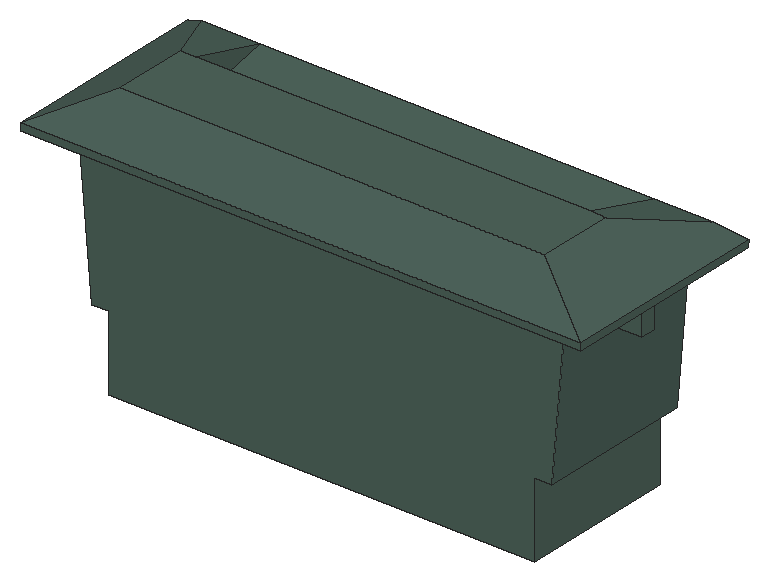
Revit family "EL 807", category Lighting Fixtures, host Face, Revit 2021
Family settings
  Host = Face
  Round Connector Dimension = Use Diameter
  Part Type = Normal
  OmniClass Number = 23.80.70.14
  OmniClass Title = Luminaries for External Lighting
  Cut with Voids When Loaded = No
  Light Source = No
  Shared = No
  Room Calculation Point = No
Parameters (values of type "Verde Green")
  Wattage Comments = ""
  Watt = if(Is 5.3W, 5.3 W, 10.5 W)  # 5.3 W
  Voltage = if(Is 120V, 120 V, 270 V)  # 120 V
  URL = "https://www.currentlighting.com/kimlighting"
  Product Material = Paint -  Green
  Product Documentation Link = ""
  Photometric Web [instance] = Web : EL807-3L3K
  Model = "EL 807"  # constant formula
  Manufacturer = "KIM Lighting"  # constant formula
  Load Classification = Lighting
  Lamp = "LED"
  Is 5.3W = yes
  Is 270V = not(Is 120V)  # no
  Is 120V = yes
  Is 10.5W = not(Is 5.3W)  # no
  Glass = Glass
  Description = "Step Light"  # constant formula
  Default Elevation = 48.00"
  Apparent Load = Watt  # 5.3 VA
Types (4): name | Product Material
  (no name) | Paint -  Green
  Black | Paint -  Basic Black
  Dark Bronze | Paint - Bronze
  Verde Green | Paint -  Green
Reference planes (in)
  plane 1 "Center (Front/Back)": y = 0
  plane 2: z = 0
  plane 3 "Center (Left/Right)": x = 0
  plane 4: y = 1.75
  plane 5: x = -4.6875
  plane 6: x = 4.6875
  plane 7: y = -1.75
  plane 8: z = 0.75
  plane 9: z = -3.75
  plane 10: z = 0.125
  plane 11: y = 1.31
  plane 12: y = -1.31
  plane 13: x = -3.56
  plane 14: x = 3.56
  plane 15: z = -2.5
  plane 16: y = 0.125
  plane 17: y = -0.125
  plane 18: x = -3.3
  plane 19: x = 3.3
Forms (in)
  Extrusion 1, solid, material "Paint -  Green" <- "Product Material"
    sketch origin (0, 0, 0) x (1, 0, 0) y (0, 1, 0)
      loop
        line (-4.6875, 1.75) -> (-4.6875, -1.75) -> (4.6875, -1.75) -> (4.6875, 1.75) -> (-4.6875, 1.75)
    from 0 to 0.125
  Extrusion 2, solid, material "Paint -  Green" <- "Product Material"
    sketch origin (0, 0, 0) x (0, 1, 0) y (0, 0, 1)
      loop
        line (1.75, 0.125) -> (1.51884, 0.35616) -> (0.19036, 0.75) -> (-1.08463, 0.75) -> (-1.75, 0.125) -> (1.75, 0.125)
    from -4.6875 to 4.6875
  Extrusion 3, solid, material "Paint -  Green" <- "Product Material"
    sketch origin (0, 0, 0) x (1, 0, 0) y (0, 0, 1)
      loop
        line (-4.06, 0) -> (-3.84128, -2.5) -> (-3.56, -2.5) -> (-3.56, -3.75) -> (3.56, -3.75) -> (3.56, -2.5) -> (3.84128, -2.5) -> (4.06, 0) -> (-4.06, 0)
    from -1.31 to 1.31
  Extrusion 4, solid, material "Paint -  Green" <- "Product Material"
    sketch origin (0, 0, 0) x (1, 0, 0) y (0, 0, 1)
      loop
        line (-4.40359, 0) -> (-4.40359, -0.60987) -> (4.40359, -0.60987) -> (4.40359, 0) -> (-4.40359, 0)
    from -0.125 to 0.125
  Extrusion 5, void
    sketch origin (0, 0, 0) x (0, 1, 0) y (0, 0, 1)
      loop
        line (1.51884, 0.35616) -> (1.51884, 0.75) -> (0.19036, 0.75) -> (0.19036, 0.69215) -> (-1.01744, 0.69215) -> (-1.01744, 0.06356) -> (0.19036, 0.06356) -> (1.51884, 0.35616)
    from -3.3 to 3.3
  Extrusion 6, solid, material "Glass" <- "Glass"
    sketch origin (0, 0, 0) x (0, 1, 0) y (0, 0, 1)
      loop
        line (0.19036, 0.69215) -> (0.07036, 0.69215) -> (0.07036, 0.06356) -> (0.19036, 0.06356) -> (0.19036, 0.69215)
    from -3.56 to 3.56
  Extrusion 7, void
    sketch origin (0, 0, 0) x (1, 0, 0) y (0, 0, 1)
      loop
        line (-4.6875, 0.125) -> (-3.56, 0.75) -> (-3.56, 0.92248) -> (-4.99637, 0.92248) -> (-4.99637, 0.125) -> (-4.6875, 0.125)
    from -1.75 to 1.75
  Extrusion 8, void
    sketch origin (0, 0, 0) x (-1, 0, 0) y (0, 0, -1)
      loop
        line (-4.6875, -0.125) -> (-4.99637, -0.125) -> (-4.99637, -0.92248) -> (-3.56, -0.92248) -> (-3.56, -0.75) -> (-4.6875, -0.125)
    from -1.75 to 1.75
Cuts and joins
  joined: Extrusion 3, Extrusion 4
  Extrusion 5, Extrusion 7, Extrusion 8 cuts Extrusion 1
  Extrusion 5, Extrusion 7, Extrusion 8 cuts Extrusion 2
  joined: Extrusion 1, Extrusion 2
Lines and regions (in)
  reference lines
    curve 1: line (-3.84128, 0, -2.5) -> (-4.23348, 0, 1.98288)
    curve 2: line (-6.29933, 0, -0.60987) -> (6.34411, 0, -0.60987)
    curve 3: line (3.84128, 0, -2.5) -> (4.23348, 0, 1.98288)
    curve 4: line (0, 1.75, 0.125) -> (0, 1.51884, 0.35616)
    curve 5: line (0, 1.51884, 0.35616) -> (0, 0.19036, 0.75)
    curve 6: line (0, -1.08463, 0.75) -> (0, -1.75, 0.125)
Dimensions and locks (in)
  locked: plane 5 to plane 6 at 9.375
  locked: plane 4 to plane 7 at 3.5
  equal spacing: plane 7, plane 1 "Center (Front/Back)", plane 4
  equal spacing: plane 5, plane 3 "Center (Left/Right)", plane 6
  locked: plane 8 to plane 2 at 0.75
  locked: plane 2 to plane 9 at 3.75
  locked: plane 10 to plane 2 at 0.125
  equal spacing: plane 11, plane 1 "Center (Front/Back)", plane 12
  locked: plane 12 to plane 11 at 2.62
  equal spacing: plane 13, plane 3 "Center (Left/Right)", plane 14
  plane 13 to plane 14 = 7.12"
  locked: plane 15 to plane 9 at 1.25
  equal spacing: plane 16, plane 1 "Center (Front/Back)", plane 17, locked at 0.125 each
  equal spacing: plane 18, plane 3 "Center (Left/Right)", plane 19, locked at 3.3 each
  aligned and locked: plane 2 to host face
  aligned and locked: level to host face
  aligned and locked: Extrusion 1 sketch curve to plane 4
  aligned and locked: plane 5 to Extrusion 1 sketch curve
  aligned and locked: Extrusion 1 sketch curve to plane 7
  aligned and locked: plane 6 to Extrusion 1 sketch curve
  aligned and locked: plane 10 to Extrusion 1
  aligned and locked: Extrusion 2 to plane 5
  aligned and locked: Extrusion 2 to plane 6
  aligned and locked: Extrusion 3 sketch curve to plane 13
  aligned and locked: Extrusion 3 sketch curve to plane 14
  aligned and locked: Extrusion 3 sketch curve to plane 9
  aligned and locked: Extrusion 3 sketch curve to plane 15  (x2)
  aligned and locked: plane 11 to Extrusion 3
  aligned and locked: plane 12 to Extrusion 3
  aligned and locked: plane 16 to Extrusion 4
  aligned and locked: plane 17 to Extrusion 4
  aligned and locked: curve 2 to cut or joined group of Extrusion 3, Extrusion 4
  aligned and locked: cut or joined group of Extrusion 3, Extrusion 4 to curve 1
  aligned and locked: cut or joined group of Extrusion 3, Extrusion 4 to curve 3
  aligned and locked: Extrusion 2 to curve 4
  aligned and locked: Extrusion 2 to curve 5
  aligned and locked: Extrusion 2 to curve 6
  aligned and locked: Extrusion 6 to plane 13
  aligned and locked: Extrusion 6 to plane 14
  aligned and locked: plane 4 to Extrusion 7
  aligned and locked: plane 7 to Extrusion 7
  aligned and locked: Extrusion 5 to plane 19
  aligned and locked: Extrusion 5 to plane 18
  aligned and locked: nested 1 to plane 3 "Center (Left/Right)"
  aligned and locked: nested 1 to cut or joined group of Extrusion 1, Extrusion 2, Extrusion 5, Extrusion 7, Extrusion 8
Automatic sketch dimensions
  host sketch curve to host sketch curve = 96.00"  (x2)
  curve 6 to plane 7 = 0.00"
  curve 6 to plane 8 = 0.00"
  curve 5 to plane 8 = 0.00"
  curve 4 to plane 4 = 0.00"
  curve 6 to plane 10 = 0.00"
  curve 4 to plane 10 = 0.00"
  curve 6 to plane 12 = 0.22537"
  plane 16 to curve 5 = 0.06536"
  plane 11 to curve 5 = 0.20884"
  plane 10 to curve 5 = 0.23116"
  Extrusion 2 sketch curve to plane 7 = 0.00"
  Extrusion 2 sketch curve to plane 8 = 0.00"
  Extrusion 2 sketch curve to plane 4 = 0.00"
  Extrusion 2 sketch curve to plane 10 = 0.00"
  Extrusion 2 sketch curve to plane 12 = 0.22537"
  plane 16 to Extrusion 2 sketch curve = 0.06536"
  plane 11 to Extrusion 2 sketch curve = 0.20884"
  plane 10 to Extrusion 2 sketch curve = 0.23116"
  Extrusion 3 sketch curve to level = 0.00"
  Extrusion 3 sketch curve to plane 13 = 0.28128"
  Extrusion 3 sketch curve to plane 13 = 0.50"
  Extrusion 3 sketch curve to plane 14 = 0.28128"
  Extrusion 3 sketch curve to plane 14 = 0.50"
  Extrusion 4 sketch curve to level = 0.00"
  plane 5 to Extrusion 4 sketch curve = 0.28391"
  plane 6 to Extrusion 4 sketch curve = 0.28391"
  Extrusion 4 sketch curve to level = 0.60987"
  curve 1 to plane 15 = 0.00"
  curve 3 to plane 15 = 0.00"
  curve 2 to level = 0.60987"
  curve 2 to plane 5 = 1.61183"
  plane 5 to curve 1 = 0.45402"
  curve 1 to plane 13 = 0.28128"
  curve 3 to plane 14 = 0.28128"
  plane 6 to curve 3 = 0.45402"
  curve 2 to plane 6 = 1.65661"
  plane 8 to curve 3 = 1.23288"
  plane 8 to curve 1 = 1.23288"
  Extrusion 5 sketch curve to plane 8 = 0.00"
  Extrusion 5 sketch curve to plane 10 = 0.06144"
  Extrusion 5 sketch curve to plane 12 = 0.29256"
  plane 16 to Extrusion 5 sketch curve = 0.06536"  (x2)
  plane 11 to Extrusion 5 sketch curve = 0.20884"
  plane 10 to Extrusion 5 sketch curve = 0.23116"
  Extrusion 5 sketch curve to plane 8 = 0.05785"
  Extrusion 6 sketch curve to plane 16 = 0.05464"
  plane 16 to Extrusion 6 sketch curve = 0.06536"
  Extrusion 6 sketch curve to plane 10 = 0.06144"
  Extrusion 6 sketch curve to plane 8 = 0.05785"
  Extrusion 7 sketch curve to plane 10 = 0.00"
  Extrusion 7 sketch curve to plane 5 = 0.00"
  Extrusion 7 sketch curve to plane 8 = 0.00"
  Extrusion 7 sketch curve to plane 13 = 0.00"
  Extrusion 7 sketch curve to plane 5 = 0.30887"
  plane 8 to Extrusion 7 sketch curve = 0.17248"
  Extrusion 8 sketch curve to plane 10 = 0.00"
  plane 6 to Extrusion 8 sketch curve = 0.00"
  Extrusion 8 sketch curve to plane 8 = 0.00"
  plane 14 to Extrusion 8 sketch curve = 0.00"
  plane 6 to Extrusion 8 sketch curve = 0.30887"
  Extrusion 8 sketch curve to plane 8 = 0.17248"
Nested families (in)
  nested 1: "Web" at (0, 0.07036, 0.35616) x (-1, 0, 0) z (0, 1, 0), type <- "Photometric Web", type "EL807-3L3K"
Connectors (in)
  electrical at (0, 0, 0), driven by "Voltage", driven by "Apparent Load", driven by "Description", driven by "Load Classification"
    settings: on cut or joined group of Extrusion 1, Extrusion 2, Extrusion 5, Extrusion 7, Extrusion 8, index 1, voltage 120 V, apparent load 5.3 VA, apparent load phase1 0 VA, apparent load phase2 0 VA, apparent load phase3 0 VA, power factor 1, load classification "Lighting", number of poles 1, system type 30, power factor state 1, is connector primary yes, connector utility no, sub classification motor no, connector description "Step Light"
Definition of nested family "Web"
  Parameters
    Wattage Comments = ""
    Wattage = 10.5 W
    built-in parameter 1150110 = 1 (stored number, unit not read)
    URL = ""
    built-in parameter 1114217 = 1 (stored number, unit not read)
    Tilt Angle = 90.00°  # constant formula
    built-in parameter 1150109 = 1 (stored number, unit not read)
    built-in parameter 1150134 = 3
    built-in parameter 1150113 = 1 (stored number, unit not read)
    Photometric Web File = "el807-9l5k.ies"
    Model = ""
    Manufacturer = ""
    built-in parameter 1150105 = 124.12 (stored number, unit not read)
    Lumens = 1559.69 lm
    built-in parameter 1150115 = 1 (stored number, unit not read)
    built-in parameter 1150137 = (empty or 0)
    built-in parameter 1150139 = (empty or 0)
    built-in parameter 1150112 = 1 (stored number, unit not read)
    built-in parameter 1150114 = 1 (stored number, unit not read)
    Lamp = ""
    built-in parameter 1150132 = 1
    built-in parameter 1150102 = (empty or 0)
    built-in parameter 1150107 = 3200 (stored number, unit not read)
    built-in parameter 1150138 = (empty or 0)
    built-in parameter 1150106 = 1.2412 (stored number, unit not read)
    Emit from Rectangle Width = 0.50"  # constant formula
    Emit from Rectangle Length = 6.00"  # constant formula
    Emit Shape Visible in Rendering = no
    built-in parameter 1150104 = 13.8 (stored number, unit not read)
    Dimming Lamp Color Temperature Shift = (empty or 0)
    Description = ""
    Default Elevation = 48.00"
    Color Filter = 16777215
    Certifications = ""
    built-in parameter 1114218 = 1 (stored number, unit not read)
    built-in parameter 1150133 = 10 (stored number, unit not read)
    Apparent Load = 0 VA
  Reference planes (in)
    plane 1 "Center (Front/Back)": y = 0
    plane 2: z = 0
    plane 3 "Center (Left/Right)": x = 0
  Forms (in)
    Extrusion 1, solid
      sketch origin (0, 0, 0) x (1, 0, 0) y (0, 1, 0)
        loop
          line (-48, 48) -> (-48, -48) -> (48, -48) -> (48, 48) -> (-48, 48)
      from 0 to -12
  Lines and regions (in)
    reference lines
      curve 1: line (0, 0, 0) -> (0, 0, 7.25)
      curve 2: line (-3.75, 0, 0) -> (4.75, 0, 0)
      curve 3: line (0, -2.75, 0) -> (0, 3, 0)
  Dimensions and locks (in)
    aligned and locked: plane 2 to Extrusion 1
    aligned and locked: level to Extrusion 1
